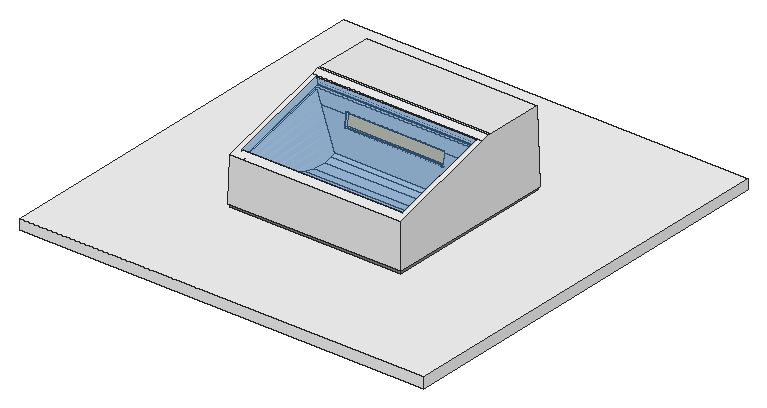
Revit family "BE_24089_de_DE", category Leuchten, Revit 2020
Family settings
  Basisbauteil = Fläche
  Bemaßung runder Anschluss = Durchmesser verwenden
  Teiletyp = Normal
  Beim Laden mit Abzugskörper schneiden = Ja
  Lichtquelle = Ja
  Gemeinsam genutzt = Nein
  Raumberechnungspunkt = Ja
Parameters (values of type "BEGA_24089_Weiß_K4")
  built-in parameter 1150104 = 18.506 (stored number, unit not read)
  Wattage = 19.4 W
  Default Elevation = 0 mm
  built-in parameter 1150113 = 1 (stored number, unit not read)
  built-in parameter 1114218 = 1 (stored number, unit not read)
  Umgebungstemperatur = "25 °C"
  URL = "https://www.bega.com/de/produkt/24089"
  Typenkommentare = "© 2022 BEGA. Wir behalten uns das Recht vor, technische Änderungen ohne vorherige Ankündigung vorzunehmen."  # constant formula
  Type Image = 24089.png
  built-in parameter 1150134 = 12
  built-in parameter 1150109 = 1 (stored number, unit not read)
  Strom = ""
  built-in parameter 1150110 = 1 (stored number, unit not read)
  Spannung = 239.996 V
  Sonderanfertigung = no
  Seriennummer [instance] = "Hier können Sie die eindeutige Seriennummer für das Facility Management eintragen."
  Schutzklasse = "I"
  Schutzart = "IP 65"
  Scheinlast = 0 VA
  Produktdatenblatt = "https://cdn.bega.com/bega/products/24089WK4/current/documents/data-sheets/de"
  Oberflächentemperatur = ""
  Neigungswinkel = 0.00°
  Modell = "24089WK4"
  Material_17 = BEGA_Reflektor
  Material_15 = BEGA_Leuchtmedium_matt
  Material_11 = BEGA_Glas_opal
  Material_10 = BEGA_Glas_matt
  Material_09 = BEGA_Glas_klar
  Material_06 = BEGA_Oberfläche_Edelstahl_gebürstet
  Material_03 = BEGA_Oberfläche_Weiss_matt
  Material_02 = BEGA_Oberfläche_Silber_matt
  Material_01 [instance] = BEGA_Oberfläche_Grafit_matt
  M_W = yes
  M_G = no
  M_A = no
  Logo = 0
  built-in parameter 1114217 = 1 (stored number, unit not read)
  built-in parameter 1150139 = (empty or 0)
  built-in parameter 1150105 = 307.53 (stored number, unit not read)
  built-in parameter 1150114 = 1 (stored number, unit not read)
  Lumens = 3864.48 lm
  built-in parameter 1150115 = 1 (stored number, unit not read)
  Leuchtenlichtstrom = "2920 lm"
  Leuchtenanzahl = ""
  Lebensdauerkriterien = "L70B50 @ 25 °C = 154000 h"
  Lastklassifizierung = Beleuchtung
  built-in parameter 1150112 = 1 (stored number, unit not read)
  Lampenlichtstrom = "3865 lm"
  Lampe = "LED 19.4 W"
  LED_Modulbezeichnung = "LED-0896/840"
  built-in parameter 1150142 = (empty or 0)
  Hersteller = "BEGA"  # constant formula
  Halbstreuwinkel = ""
  Gewicht = "1.6 kg"
  Gebrauchslageneinschränkung [instance] = ""
  Frequenz = "0/50-60 Hz"
  Farbwiedergabeindex = "CRI > 80"
  Farbtemperaturverschiebung bei Dämpfen der Lampe = <Keine Auswahl>
  Farbtemperatur = "4000 K"
  Color Filter = 16777215
  built-in parameter 1150133 = 10 (stored number, unit not read)
  Energieeffizienzklasse = "LED A++ - A"
  built-in parameter 1150137 = (empty or 0)
  built-in parameter 1150132 = (empty or 0)
  ENEC = "ja"
  Dimmbar [instance] = "DALI"
  Datei für fotometrisches Netz = "BE_24089K4.IES"
  CE_Konformität = "ja"
  Bestellnummer = "24089WK4"
  Beschreibung_Sonderanfertigung = "Hier können Sie Informationen zur Sonderanfertigung eintragen."
  Beschreibung = "Deckenaufbau-Tiefstrahler"
  built-in parameter 1150106 = 3.0753 (stored number, unit not read)
  Befestigungsbohrung = "Ø 6 mm"
  Befestigungsabstand = "140 mm"
  Ballwurfsicher = ""
  BEGA_Intern_aus = yes
  BEGA_Intern_an = yes
  BEGA_Intern_Konstruktion = yes
  BEGA_Intern = yes
  BEGA_IES = yes
  BEGA_Dummy = no
  Anschlussleitung = ""
  Anschlussleistung [instance] = "22.1 W"
  built-in parameter 1150107 = 4000 (stored number, unit not read)
  built-in parameter 1150102 = (empty or 0)
  built-in parameter 1150138 = (empty or 0)
  Aktualisierung = "2022-05-18T04:00:07"
  Abstand_zur_angestrahlten_Fläche [instance] = ""
  AC/DC = "AC/DC"
Types (4, lengths in mm): name | built-in parameter 1150104 | built-in parameter 1150134 | Modell | M_W | M_G | built-in parameter 1150105 | Lumens | Leuchtenlichtstrom | Lampenlichtstrom | LED_Modulbezeichnung | Farbtemperatur | Datei für fotometrisches Netz | Bestellnummer | built-in parameter 1150106 | built-in parameter 1150107
  BEGA_24089_Grafit_K3 | 18.005 (stored number, unit not read) | (empty or 0) | "24089K3" | no | yes | 299.19 (stored number, unit not read) | 3759.72 lm | "2841 lm" | "3760 lm" | "LED-0896/830" | "3000 K" | "BE_24089K3.IES" | "24089K3" | 2.9919 (stored number, unit not read) | 3000 (stored number, unit not read)
  BEGA_24089_Grafit_K4 | 18.506 (stored number, unit not read) | 12 | "24089K4" | no | yes | 307.53 (stored number, unit not read) | 3864.48 lm | "2920 lm" | "3865 lm" | "LED-0896/840" | "4000 K" | "BE_24089K4.IES" | "24089K4" | 3.0753 (stored number, unit not read) | 4000 (stored number, unit not read)
  BEGA_24089_Weiß_K3 | 18.005 (stored number, unit not read) | (empty or 0) | "24089WK3" | yes | no | 299.19 (stored number, unit not read) | 3759.72 lm | "2841 lm" | "3760 lm" | "LED-0896/830" | "3000 K" | "BE_24089K3.IES" | "24089WK3" | 2.9919 (stored number, unit not read) | 3000 (stored number, unit not read)
  BEGA_24089_Weiß_K4 | 18.506 (stored number, unit not read) | 12 | "24089WK4" | yes | no | 307.53 (stored number, unit not read) | 3864.48 lm | "2920 lm" | "3865 lm" | "LED-0896/840" | "4000 K" | "BE_24089K4.IES" | "24089WK4" | 3.0753 (stored number, unit not read) | 4000 (stored number, unit not read)
Reference planes
  plane 1 "Mitte (Vorne/Hinten)": y = 0
  plane 2: z = 0
  plane 3 "Mitte (Links/Rechts)": x = 0
  plane 4 "Links": x = -85.5
  plane 5 "Rechts": x = 85.5
  plane 6 "Unten": y = -85.5
  plane 7 "Oben": y = 85.5
  plane 8 "Vorne": z = 75.3
  plane 9 "Hinten": z = 0
Forms (mm)
  Extrusion 1, solid, material "BEGA_Platte_Weiss"
    sketch origin (0, -1119.2, 0) x (1, 0, 0) y (0, 1, 0)
      loop
        line (-200, 1319.2) -> (-200, 919.2) -> (200, 919.2) -> (200, 1319.2) -> (-200, 1319.2)
    from 0 to -10
  Extrusion 2, solid, material "BEGA_Dummy_matt", visible <- "BEGA_Dummy"
    sketch origin (80.095, -76.023, 0) x (1, 0, 0) y (0, 1, 0)
      loop
        line (-165.595, 161.523) -> (-165.595, -9.477) -> (5.405, -9.477) -> (5.405, 161.523) -> (-165.595, 161.523)
    from 0 to 75.3
Dimensions and locks
  plane 1 "Mitte (Vorne/Hinten)" to Extrusion 1 = 200 mm
  aligned and locked: plane 2 to Extrusion 1
  aligned and locked: level to Extrusion 1
Nested families
  nested 1: "BE_24089" at (0, 0, 0), type "BE_24089"
Connectors
  electrical at (0, 0, 0), driven by "Lastklassifizierung", driven by "Spannung", driven by "Scheinlast"
    settings: index 1, voltage 239.996 V, apparent load 0 VA, apparent load phase1 0 VA, apparent load phase2 0 VA, apparent load phase3 0 VA, power factor 1, load classification "Beleuchtung", number of poles 1, system type 31, power factor state 1, is connector primary yes, connector utility no, sub classification motor no, connector description ""
Definition of nested family "BE_24089"
  Parameters (values of type "BE_24089")
    Default Elevation = 1 mm
    URL = "http://www.bega.de/de/produkt"
    Type Comments = "© 2015 BEGA. Wir behalten uns das Recht vor, technische Änderungen ohne vorherige Ankündigung vorzunehmen. "  # constant formula
    Type Image = (empty or 0)
    Neigungswinkel_um_Z2 = 0.00°
    Neigungswinkel_um_Z1 = 0.00°
    Neigungswinkel_um_Y2 = 0.00°
    Neigungswinkel_um_Y1 = 0.00°
    Neigungswinkel_um_X2 = 0.00°
    Neigungswinkel_um_X1 = 0.00°
    Material_17 = none
    Material_15 = none
    Material_11 = none
    Material_10 = none
    Material_09 = none
    Material_06 = none
    Material_03 = none
    Material_02 = none
    Material_01 = none
    M_W = yes
    M_G = yes
    M_A = yes
    Länge_Platte = 200 mm  # constant formula
    Höhe_Platte = -10 mm  # constant formula
    Manufacturer = "BEGA"  # constant formula
    Drehwinkel_um_Z2 = 0.00°
    Drehwinkel_um_Z1 = 0.00°
    Breite_Platte = 200 mm  # constant formula
  Reference planes
    plane 1 "Mitte (Oben/Unten)": y = 0
    plane 2: z = 0
    plane 3 "Mitte (Links/Rechts)": x = 0
    plane 4 "Vorne": z = 75.3
    plane 5 "Hinten": z = -25
    plane 6 "Links": x = -85
    plane 7 "Rechts": x = 85
    plane 8 "Oben": y = 84.243
    plane 9 "Unten": y = -85.5
  Forms (mm)
    Extrusion 1, solid, detail levels medium
      sketch origin (0, 0, 0) x (1, 0, 0) y (0, 1, 0)
        loop
          line (-100, 100) -> (-100, -100) -> (100, -100) -> (100, 100) -> (-100, 100)
      from 0 to -10 <- "Höhe_Platte"
    Sweep 2, solid, material <- "Material_01", visible <- "M_G"
      path origin (0, 0, 0) x (1, 0, 0) y (0, 1, 0)
        loop
          line (-82.042, 82.042) -> (-82.042, -82.042) -> (82.042, -82.042) -> (82.042, 82.042) -> (-82.042, 82.042)
      profile origin (0, 82.042, 0) x (0, 1, 0) y (0, 0, 1)
        loop
          line (2.458, 0) -> (2.353, 3) -> (-0.966, 3) -> (-1.14, 8) -> (-42.13, 8) -> (-42.13, 5) -> (-20.435, 5) -> (-20.04, 0.5) -> (-3.544, 0.5) -> (-2.542, 0) -> (2.458, 0)
    Extrusion 3, solid, material <- "Material_01", visible <- "M_G"
      sketch origin (0, 0, 0) x (1, 0, 0) y (0, 1, 0)
        loop
          line (-39.912, 39.912) -> (-39.912, -39.912) -> (39.912, -39.912) -> (39.912, 39.912) -> (-39.912, 39.912)
      from 5 to 9.848
    Sweep 4, solid, material <- "Material_01", visible <- "M_W"
      path origin (0, 0, 0) x (1, 0, 0) y (0, 1, 0)
        loop
          line (-82.042, 82.042) -> (-82.042, -82.042) -> (82.042, -82.042) -> (82.042, 82.042) -> (-82.042, 82.042)
      profile origin (0, 82.042, 0) x (0, 1, 0) y (0, 0, 1)
        loop
          line (2.458, 0) -> (2.353, 3) -> (-0.966, 3) -> (-1.14, 7.987) -> (-42.13, 7.987) -> (-42.13, 4.987) -> (-20.434, 4.987) -> (-20.04, 0.5) -> (-3.544, 0.5) -> (-2.542, 0) -> (2.458, 0)
    Extrusion 5, solid, material <- "Material_01", visible <- "M_W"
      sketch origin (0, 0, 0) x (1, 0, 0) y (0, 1, 0)
        loop
          line (-39.912, 39.912) -> (-39.912, -39.912) -> (39.912, -39.912) -> (39.912, 39.912) -> (-39.912, 39.912)
      from 4.987 to 7.987
    Extrusion 6, solid, material <- "Material_03", visible <- "M_W"
      sketch origin (0, 0, 0) x (0, 1, 0) y (0, 0, 1)
        loop
          line (85.5, 3.3) -> (84.243, 75.3) -> (26.55, 75.3) -> (24.309, 75.3) -> (17.395, 73.465) -> (-84.753, 46.095) -> (-85.5, 3.3) -> (-83, 3.3) -> (-82.162, 27.3) -> (-79.641, 27.3) -> (-79.502, 23.299) -> (-77, 23.299) -> (-76.386, 40.882) -> (-37.619, 51.27) -> (18.972, 66.434)
          arc (18.972, 66.434) -> (20.019, 67.119) -> (20.453, 68.292) r 2
          line (20.453, 68.292) -> (20.518, 70.147)
          arc (20.518, 70.147) -> (20.952, 71.321) -> (21.999, 72.007) r 2
          line (21.999, 72.007) -> (24.586, 72.7) -> (34.5, 72.7) -> (75.275, 72.7) -> (77, 23.3) -> (79.502, 23.299) -> (79.641, 27.3) -> (82.162, 27.3) -> (83, 3.3) -> (85.5, 3.3)
      from -85.5 to 85.5
    Extrusion 7, solid, material <- "Material_03", visible <- "M_W"
      sketch origin (0, 0, 0) x (0, 1, 0) y (0, 0, 1)
        loop
          line (-84.817, 42.435) -> (-85.5, 3.3) -> (85.5, 3.3) -> (84.268, 73.882) -> (24.849, 73.882) -> (-84.817, 42.435)
      from 82.13 to 85.5
    Extrusion 8, solid, material <- "Material_03", visible <- "M_W"
      sketch origin (0, 0, 0) x (0, 1, 0) y (0, 0, -1)
        loop
          line (-84.817, -42.435) -> (24.849, -73.882) -> (84.268, -73.882) -> (85.5, -3.3) -> (-85.5, -3.3) -> (-84.817, -42.435)
      from 82.339 to 85.5
    Extrusion 9, solid, material <- "Material_01", visible <- "M_G"
      sketch origin (0, 0, 0) x (0, 1, 0) y (0, 0, 1)
        loop
          line (85.5, 3.3) -> (84.243, 75.3) -> (26.55, 75.3) -> (24.309, 75.3) -> (17.395, 73.465) -> (-84.753, 46.095) -> (-85.5, 3.3) -> (-83, 3.3) -> (-82.162, 27.3) -> (-79.641, 27.3) -> (-79.502, 23.299) -> (-77, 23.299) -> (-76.386, 40.882) -> (-37.619, 51.27) -> (18.972, 66.434)
          arc (18.972, 66.434) -> (20.019, 67.119) -> (20.453, 68.292) r 2
          line (20.453, 68.292) -> (20.518, 70.147)
          arc (20.518, 70.147) -> (20.952, 71.321) -> (21.999, 72.007) r 2
          line (21.999, 72.007) -> (24.586, 72.7) -> (34.5, 72.7) -> (75.275, 72.7) -> (77, 23.3) -> (79.502, 23.299) -> (79.641, 27.3) -> (82.162, 27.3) -> (83, 3.3) -> (85.5, 3.3)
      from -85.5 to 85.5
    Extrusion 10, solid, material <- "Material_01", visible <- "M_G"
      sketch origin (0, 0, 0) x (0, 1, 0) y (0, 0, 1)
        loop
          line (-84.817, 42.435) -> (-85.5, 3.3) -> (85.5, 3.3) -> (84.268, 73.882) -> (24.849, 73.882) -> (-84.817, 42.435)
      from 82.13 to 85.5
    Extrusion 11, solid, material <- "Material_01", visible <- "M_G"
      sketch origin (0, 0, 0) x (0, 1, 0) y (0, 0, -1)
        loop
          line (-84.817, -42.435) -> (24.849, -73.882) -> (84.268, -73.882) -> (85.5, -3.3) -> (-85.5, -3.3) -> (-84.817, -42.435)
      from 82.339 to 85.5
    Extrusion 12, void
      sketch origin (0, 0, 0) x (0, 1, 0) y (0, 0, 1)
        loop
          line (-82.182, 71.001) -> (-74.268, 41.468) -> (17.494, 66.056) -> (9.581, 95.589) -> (-82.182, 71.001)
      from -79.5 to 79.5
    Extrusion 13, void
      sketch origin (0, 0, 0) x (1, 0, 0) y (0, 0, 1)
        loop
          line (-84.243, 75.3) -> (-89.5, 75.3) -> (-89.5, 3.299) -> (-85.5, 3.299) -> (-84.243, 75.3)
        loop
          line (84.243, 75.3) -> (85.5, 3.299) -> (89.5, 3.299) -> (89.5, 75.3) -> (84.243, 75.3)
      from -105.296 to 87.784
    Extrusion 14, solid, material <- "Material_17"
      sketch origin (0, 0, 0) x (0, 1, 0) y (0, 0, 1)
        loop
          line (-75.301, 40.674) -> (-72.678, 41.377) -> (-70.065, 38.974) -> (-67.591, 36.839) -> (-65.494, 35.073) -> (-63.36, 33.391) -> (-60.118, 30.879) -> (-54.091, 26.734) -> (-47.751, 22.951) -> (-41.358, 19.71) -> (-35.239, 17.163) -> (-29.852, 15.306) -> (-23.593, 13.594) -> (-16.261, 12.302) -> (-11.385, 11.969) -> (-9.745, 11.903) -> (-6.295, 11.843) -> (-1.631, 12.142) -> (2.28, 12.656) -> (6.675, 13.54) -> (9.643, 14.431) -> (10.835, 14.822)
          arc (10.835, 14.822) -> (11.299, 15.152) -> (11.508, 15.681) r 1
          line (11.508, 15.681) -> (14.606, 51.087) -> (15.831, 65.093) -> (19.135, 65.978)
          arc (19.135, 65.978) -> (19.312, 66.284) -> (19.006, 66.461) r 0.25
          line (19.006, 66.461) -> (16.04, 65.667)
          arc (16.04, 65.667) -> (15.534, 65.345) -> (15.303, 64.792) r 1
          line (15.303, 64.792) -> (14.16, 51.73) -> (10.985, 15.435)
          arc (10.985, 15.435) -> (8.592, 14.657) -> (6.166, 13.988) r 55.358
          arc (6.166, 13.988) -> (2.324, 13.182) -> (-1.57, 12.681) r 49.797
          arc (-1.57, 12.681) -> (-7.869, 12.402) -> (-14.168, 12.681) r 71.225
          arc (-14.168, 12.681) -> (-19.298, 13.333) -> (-24.365, 14.372) r 68.21
          arc (-24.365, 14.372) -> (-31.422, 16.4) -> (-38.297, 18.977) r 93.002
          arc (-38.297, 18.977) -> (-43.044, 21.131) -> (-47.665, 23.546) r 93.756
          arc (-47.665, 23.546) -> (-51.498, 25.782) -> (-55.246, 28.159) r 119.281
          arc (-55.246, 28.159) -> (-59.422, 31.053) -> (-63.466, 34.131) r 114.187
          arc (-63.466, 34.131) -> (-67.063, 37.029) -> (-70.531, 40.081) r 106.049
          line (-70.531, 40.081) -> (-72.131, 41.553)
          arc (-72.131, 41.553) -> (-72.574, 41.794) -> (-73.078, 41.787) r 1
          line (-73.078, 41.787) -> (-75.431, 41.157)
          arc (-75.431, 41.157) -> (-75.607, 40.851) -> (-75.301, 40.674) r 0.25
      from -79.5 to 79.5
    Extrusion 15, void
      sketch origin (0, 0, 0) x (0, 1, 0) y (0, 0, 1)
        loop
          arc (13.147, 40.15) -> (13.374, 39.879) -> (13.645, 40.106) r 0.25
          line (13.645, 40.106) -> (14.782, 53.104)
          arc (14.782, 53.104) -> (14.555, 53.374) -> (14.284, 53.147) r 0.25
          line (14.284, 53.147) -> (13.147, 40.15)
      from -49 to 49
    Blend 16, solid, material <- "Material_17"
      base sketch origin (0, 0, 0) x (1, 0, 0) y (0, 0, 1)
        loop
          line (-55.111, 9.848) -> (-78.508, 63.289) -> (-79.5, 63.289) -> (-56.103, 9.848) -> (-55.111, 9.848)
      top sketch origin (0, 0, 0) x (1, 0, 0) y (0, 0, 1)
        loop
          line (-79.5, 41.787) -> (-60.827, 9.848) -> (-59.737, 9.848) -> (-78.41, 41.787) -> (-79.5, 41.787)
      from -19.221 to 73
    Blend 17, solid, material <- "Material_17"
      base sketch origin (4.504, 0, 0) x (-1, 0, 0) y (0, 0, -1)
        loop
          line (-50.603, -9.848) -> (-51.595, -9.848) -> (-74.992, -63.289) -> (-74, -63.289) -> (-50.603, -9.848)
      top sketch origin (4.504, 0, 0) x (-1, 0, 0) y (0, 0, -1)
        loop
          line (-75, -41.787) -> (-73.91, -41.787) -> (-55.237, -9.848) -> (-56.327, -9.848) -> (-75, -41.787)
      from -15.636 to 73
    Extrusion 18, void
      sketch origin (0, 0, 0) x (1, 0, 0) y (0, 1, 0)
        loop
          circle (0, -70) r 3
        loop
          circle (0, 70) r 3
      from 0 to 13
    Extrusion 19, solid, material <- "Material_01", visible <- "M_G"
      sketch origin (0, 0, 0) x (1, 0, 0) y (0, 1, 0)
        loop
          line (48.029, 19.034) -> (74.824, 19.034) -> (74.824, 62.445) -> (62.445, 74.824) -> (39.034, 74.824) -> (39.034, 37.456) -> (39.034, 28.029)
          arc (39.034, 28.029) -> (41.668, 21.668) -> (48.029, 19.034) r 8.992
      from 0.5 to 9.848
    Extrusion 20, solid, material <- "Material_10"
      sketch origin (0, 0, 0) x (0, 1, 0) y (0, 0, 1)
        loop
          line (-76.127, 48.406) -> (-75.094, 44.55) -> (16.669, 69.138) -> (15.636, 72.994) -> (-76.127, 48.406)
      from -79.5 to 79.5
    Extrusion 21, solid, material <- "Material_15"
      sketch origin (0, 0, 0) x (0, 1, 0) y (0, 0, 1)
        loop
          line (14.66, 41.544) -> (15.681, 41.454) -> (16.553, 51.419) -> (15.532, 51.508) -> (14.66, 41.544)
      from -47.5 to 47.472
    Extrusion 22, solid, material <- "Material_01", visible <- "M_W"
      sketch origin (0, 0, 0) x (1, 0, 0) y (0, 1, 0)
        loop
          line (48.029, 19.034) -> (74.824, 19.034) -> (74.824, 62.445) -> (62.445, 74.824) -> (39.034, 74.824) -> (39.034, 37.456) -> (39.034, 28.029)
          arc (39.034, 28.029) -> (41.668, 21.668) -> (48.029, 19.034) r 8.992
      from 0.5 to 9.848
    Extrusion 23, void
      sketch origin (0, 0, 0) x (1, 0, 0) y (0, 1, 0)
        loop
          circle (62.5, 36.5) r 7.197
        loop
          circle (62.5, 61.5) r 7.197
      from 0.5 to 11.965
  Cuts and joins
    Extrusion 18, Extrusion 23 cuts Sweep 2
    Extrusion 18, Extrusion 23 cuts Extrusion 3
    Extrusion 23 cuts Extrusion 19
    joined: Sweep 2, Extrusion 3, Extrusion 19
    Extrusion 18, Extrusion 23 cuts Sweep 4
    Extrusion 18, Extrusion 23 cuts Extrusion 5
    Extrusion 23 cuts Extrusion 22
    joined: Sweep 4, Extrusion 5, Extrusion 22
    Extrusion 12, Extrusion 13, Extrusion 15, Extrusion 18, Extrusion 23 cuts Extrusion 6
    Extrusion 12, Extrusion 13, Extrusion 15, Extrusion 18, Extrusion 23 cuts Extrusion 7
    Extrusion 12, Extrusion 13, Extrusion 15, Extrusion 18, Extrusion 23 cuts Extrusion 8
    joined: Extrusion 6, Extrusion 7, Extrusion 8
    Extrusion 12, Extrusion 13, Extrusion 15, Extrusion 18, Extrusion 23 cuts Extrusion 9
    Extrusion 12, Extrusion 13, Extrusion 15, Extrusion 18, Extrusion 23 cuts Extrusion 10
    Extrusion 12, Extrusion 13, Extrusion 15, Extrusion 18, Extrusion 23 cuts Extrusion 11
    joined: Extrusion 9, Extrusion 10, Extrusion 11
    Extrusion 15, Extrusion 18 cuts Extrusion 14
    joined: Blend 16, Blend 17
  Dimensions and locks
    equal spacing: Extrusion 1 sketch curve, plane 3 "Mitte (Links/Rechts)", Extrusion 1 sketch curve
    equal spacing: Extrusion 1 sketch curve, plane 1 "Mitte (Oben/Unten)", Extrusion 1 sketch curve
    "Länge_Platte": Extrusion 1 sketch curve to Extrusion 1 sketch curve
    "Breite_Platte": Extrusion 1 sketch curve to Extrusion 1 sketch curve
    aligned and locked: plane 2 to Extrusion 1
    aligned and locked: level to Extrusion 1
  Automatic sketch dimensions
    Sweep 2 sketch curve to plane 3 "Mitte (Links/Rechts)" = 82.042 mm
    plane 3 "Mitte (Links/Rechts)" to Sweep 2 sketch curve = 82.042 mm
    plane 1 "Mitte (Oben/Unten)" to Sweep 2 sketch curve = 82.042 mm
    Sweep 2 sketch curve to plane 1 "Mitte (Oben/Unten)" = 82.042 mm
    Sweep 2 sketch curve to level = 0 mm
    level to Sweep 2 sketch curve = 5 mm
    Sweep 2 sketch curve to Sweep 2 sketch curve = 40.99 mm
    level to Sweep 2 sketch curve = 0.5 mm
    Sweep 2 sketch curve to Sweep 2 sketch curve = 0.395 mm
    profile plane to Sweep 2 sketch curve = 3.544 mm
    Sweep 2 sketch curve to Sweep 2 sketch curve = 1.002 mm
    profile plane to Sweep 2 sketch curve = 1.14 mm
    profile plane to Sweep 2 sketch curve = 0.966 mm
    Sweep 2 sketch curve to profile plane = 2.353 mm
    Sweep 2 sketch curve to profile plane = 2.458 mm
    level to Sweep 2 sketch curve = 3 mm
    Extrusion 3 sketch curve to plane 3 "Mitte (Links/Rechts)" = 39.912 mm
    plane 3 "Mitte (Links/Rechts)" to Extrusion 3 sketch curve = 39.912 mm
    plane 1 "Mitte (Oben/Unten)" to Extrusion 3 sketch curve = 39.912 mm
    Extrusion 3 sketch curve to plane 1 "Mitte (Oben/Unten)" = 39.912 mm
    Sweep 4 sketch curve to plane 3 "Mitte (Links/Rechts)" = 82.042 mm
    plane 3 "Mitte (Links/Rechts)" to Sweep 4 sketch curve = 82.042 mm
    plane 1 "Mitte (Oben/Unten)" to Sweep 4 sketch curve = 82.042 mm
    Sweep 4 sketch curve to plane 1 "Mitte (Oben/Unten)" = 82.042 mm
    Extrusion 5 sketch curve to plane 3 "Mitte (Links/Rechts)" = 39.912 mm
    plane 3 "Mitte (Links/Rechts)" to Extrusion 5 sketch curve = 39.912 mm
    plane 1 "Mitte (Oben/Unten)" to Extrusion 5 sketch curve = 39.912 mm
    Extrusion 5 sketch curve to plane 1 "Mitte (Oben/Unten)" = 39.912 mm
    level to Extrusion 6 sketch curve = 3.3 mm  (x2)
    plane 1 "Mitte (Oben/Unten)" to Extrusion 6 sketch curve = 85.5 mm
    Extrusion 6 sketch curve to Extrusion 6 sketch curve = 0.747 mm
    Extrusion 6 sketch curve to Extrusion 6 sketch curve = 2.5 mm  (x2)
    level to Extrusion 6 sketch curve = 27.3 mm  (x2)
    Extrusion 6 sketch curve to Extrusion 6 sketch curve = 2.591 mm
    Extrusion 6 sketch curve to Extrusion 6 sketch curve = 2.521 mm  (x2)
    level to Extrusion 6 sketch curve = 23.299 mm  (x2)
    Extrusion 6 sketch curve to Extrusion 6 sketch curve = 0.14 mm  (x2)
    Extrusion 6 sketch curve to Extrusion 6 sketch curve = 2.501 mm
    Extrusion 6 sketch curve to Extrusion 6 sketch curve = 8.367 mm
    Extrusion 6 sketch curve to plane 1 "Mitte (Oben/Unten)" = 17.395 mm
    Extrusion 6 sketch curve to Extrusion 6 sketch curve = 1.06 mm
    Extrusion 6 sketch curve to Extrusion 6 sketch curve = 1.999 mm  (x2)
    Extrusion 6 sketch curve to Extrusion 6 sketch curve = 0.065 mm
    Extrusion 6 sketch curve to Extrusion 6 sketch curve = 1.792 mm
    Extrusion 6 sketch curve to Extrusion 6 sketch curve = 0.277 mm
    Extrusion 6 sketch curve to Extrusion 6 sketch curve = 2.241 mm
    Extrusion 6 sketch curve to Extrusion 6 sketch curve = 7.95 mm
    Extrusion 6 sketch curve to Extrusion 6 sketch curve = 40.775 mm
    level to Extrusion 6 sketch curve = 23.3 mm
    Extrusion 6 sketch curve to Extrusion 6 sketch curve = 1.725 mm
    Extrusion 6 sketch curve to Extrusion 6 sketch curve = 2.502 mm
    Extrusion 6 sketch curve to Extrusion 6 sketch curve = 3.498 mm
    Extrusion 6 sketch curve to Extrusion 6 sketch curve = 8.968 mm
    Extrusion 6 sketch curve to Extrusion 6 sketch curve = 13.583 mm
    Extrusion 6 sketch curve to Extrusion 6 sketch curve = 5.212 mm
    level to Extrusion 6 sketch curve = 68.292 mm
    Extrusion 6 sketch curve to Extrusion 6 sketch curve = 0.073 mm
    Extrusion 6 sketch curve to Extrusion 6 sketch curve = 1.783 mm
    Extrusion 6 sketch curve to Extrusion 6 sketch curve = 1.854 mm
    Extrusion 6 sketch curve to Extrusion 6 sketch curve = 45.4 mm
    Extrusion 6 sketch curve to Extrusion 6 sketch curve = 3.319 mm
    Extrusion 6 sketch curve to Extrusion 6 sketch curve = 2.6 mm
    plane 1 "Mitte (Oben/Unten)" to Extrusion 6 sketch curve = 37.619 mm
    Extrusion 6 sketch curve to Extrusion 6 sketch curve = 0 mm  (x6)
    Extrusion 6 sketch curve to Extrusion 6 sketch curve = 0.518 mm  (x2)
    Extrusion 6 sketch curve to Extrusion 6 sketch curve = 10.388 mm
    level to Extrusion 7 sketch curve = 3.3 mm
    plane 1 "Mitte (Oben/Unten)" to Extrusion 7 sketch curve = 85.5 mm
    Extrusion 7 sketch curve to Extrusion 7 sketch curve = 0.683 mm
    Extrusion 7 sketch curve to plane 1 "Mitte (Oben/Unten)" = 24.849 mm
    Extrusion 7 sketch curve to Extrusion 7 sketch curve = 59.419 mm
    Extrusion 7 sketch curve to Extrusion 7 sketch curve = 1.232 mm
    Extrusion 7 sketch curve to Extrusion 7 sketch curve = 39.135 mm
    Extrusion 7 sketch curve to Extrusion 7 sketch curve = 70.582 mm
    level to Extrusion 8 sketch curve = 3.3 mm
    plane 1 "Mitte (Oben/Unten)" to Extrusion 8 sketch curve = 85.5 mm
    Extrusion 8 sketch curve to Extrusion 8 sketch curve = 0.683 mm
    Extrusion 8 sketch curve to plane 1 "Mitte (Oben/Unten)" = 24.849 mm
    Extrusion 8 sketch curve to Extrusion 8 sketch curve = 59.419 mm
    Extrusion 8 sketch curve to Extrusion 8 sketch curve = 1.232 mm
    Extrusion 8 sketch curve to Extrusion 8 sketch curve = 39.135 mm
    Extrusion 8 sketch curve to Extrusion 8 sketch curve = 70.582 mm
    level to Extrusion 9 sketch curve = 3.3 mm  (x2)
    plane 1 "Mitte (Oben/Unten)" to Extrusion 9 sketch curve = 85.5 mm
    Extrusion 9 sketch curve to Extrusion 9 sketch curve = 0.747 mm
    Extrusion 9 sketch curve to Extrusion 9 sketch curve = 2.5 mm  (x2)
    level to Extrusion 9 sketch curve = 27.3 mm  (x2)
    Extrusion 9 sketch curve to Extrusion 9 sketch curve = 2.591 mm
    Extrusion 9 sketch curve to Extrusion 9 sketch curve = 2.521 mm  (x2)
    level to Extrusion 9 sketch curve = 23.299 mm  (x2)
    Extrusion 9 sketch curve to Extrusion 9 sketch curve = 0.14 mm  (x2)
    Extrusion 9 sketch curve to Extrusion 9 sketch curve = 2.501 mm
    Extrusion 9 sketch curve to Extrusion 9 sketch curve = 8.367 mm
    Extrusion 9 sketch curve to plane 1 "Mitte (Oben/Unten)" = 17.395 mm
    Extrusion 9 sketch curve to Extrusion 9 sketch curve = 1.06 mm
    Extrusion 9 sketch curve to Extrusion 9 sketch curve = 1.999 mm  (x2)
    Extrusion 9 sketch curve to Extrusion 9 sketch curve = 0.065 mm
    Extrusion 9 sketch curve to Extrusion 9 sketch curve = 1.792 mm
    Extrusion 9 sketch curve to Extrusion 9 sketch curve = 0.277 mm
    Extrusion 9 sketch curve to Extrusion 9 sketch curve = 2.241 mm
    Extrusion 9 sketch curve to Extrusion 9 sketch curve = 7.95 mm
    Extrusion 9 sketch curve to Extrusion 9 sketch curve = 40.775 mm
    level to Extrusion 9 sketch curve = 23.3 mm
    Extrusion 9 sketch curve to Extrusion 9 sketch curve = 1.725 mm
    Extrusion 9 sketch curve to Extrusion 9 sketch curve = 2.502 mm
    Extrusion 9 sketch curve to Extrusion 9 sketch curve = 3.498 mm
    Extrusion 9 sketch curve to Extrusion 9 sketch curve = 8.968 mm
    Extrusion 9 sketch curve to Extrusion 9 sketch curve = 13.583 mm
    Extrusion 9 sketch curve to Extrusion 9 sketch curve = 5.212 mm
    level to Extrusion 9 sketch curve = 68.292 mm
    Extrusion 9 sketch curve to Extrusion 9 sketch curve = 0.073 mm
    Extrusion 9 sketch curve to Extrusion 9 sketch curve = 1.783 mm
    Extrusion 9 sketch curve to Extrusion 9 sketch curve = 1.854 mm
    Extrusion 9 sketch curve to Extrusion 9 sketch curve = 45.4 mm
    Extrusion 9 sketch curve to Extrusion 9 sketch curve = 3.319 mm
    Extrusion 9 sketch curve to Extrusion 9 sketch curve = 2.6 mm
    plane 1 "Mitte (Oben/Unten)" to Extrusion 9 sketch curve = 37.619 mm
    Extrusion 9 sketch curve to Extrusion 9 sketch curve = 0 mm  (x6)
    Extrusion 9 sketch curve to Extrusion 9 sketch curve = 0.518 mm  (x2)
    Extrusion 9 sketch curve to Extrusion 9 sketch curve = 10.388 mm
    level to Extrusion 10 sketch curve = 3.3 mm
    plane 1 "Mitte (Oben/Unten)" to Extrusion 10 sketch curve = 85.5 mm
    Extrusion 10 sketch curve to Extrusion 10 sketch curve = 0.683 mm
    Extrusion 10 sketch curve to plane 1 "Mitte (Oben/Unten)" = 24.849 mm
    Extrusion 10 sketch curve to Extrusion 10 sketch curve = 59.419 mm
    Extrusion 10 sketch curve to Extrusion 10 sketch curve = 1.232 mm
    Extrusion 10 sketch curve to Extrusion 10 sketch curve = 39.135 mm
    Extrusion 10 sketch curve to Extrusion 10 sketch curve = 70.582 mm
    level to Extrusion 11 sketch curve = 3.3 mm
    plane 1 "Mitte (Oben/Unten)" to Extrusion 11 sketch curve = 85.5 mm
    Extrusion 11 sketch curve to Extrusion 11 sketch curve = 0.683 mm
    Extrusion 11 sketch curve to plane 1 "Mitte (Oben/Unten)" = 24.849 mm
    Extrusion 11 sketch curve to Extrusion 11 sketch curve = 59.419 mm
    Extrusion 11 sketch curve to Extrusion 11 sketch curve = 1.232 mm
    Extrusion 11 sketch curve to Extrusion 11 sketch curve = 39.135 mm
    Extrusion 11 sketch curve to Extrusion 11 sketch curve = 70.582 mm
    plane 1 "Mitte (Oben/Unten)" to Extrusion 12 sketch curve = 82.182 mm
    level to Extrusion 12 sketch curve = 41.468 mm
    Extrusion 12 sketch curve to Extrusion 12 sketch curve = 7.913 mm
    Extrusion 12 sketch curve to plane 1 "Mitte (Oben/Unten)" = 9.581 mm
    Extrusion 12 sketch curve to plane 1 "Mitte (Oben/Unten)" = 17.494 mm
    level to Extrusion 12 sketch curve = 66.056 mm
    Extrusion 13 sketch curve to plane 3 "Mitte (Links/Rechts)" = 89.5 mm
    Extrusion 13 sketch curve to Extrusion 13 sketch curve = 4 mm
    Extrusion 13 sketch curve to Extrusion 13 sketch curve = 5.257 mm  (x2)
    plane 3 "Mitte (Links/Rechts)" to Extrusion 13 sketch curve = 84.243 mm
    level to Extrusion 13 sketch curve = 3.299 mm  (x2)
    Extrusion 13 sketch curve to Extrusion 13 sketch curve = 1.257 mm
    Extrusion 13 sketch curve to Extrusion 13 sketch curve = 72.001 mm  (x2)
    plane 1 "Mitte (Oben/Unten)" to Extrusion 14 sketch curve = 75.431 mm
    Extrusion 14 sketch curve to Extrusion 14 sketch curve = 0.065 mm  (x4)
    level to Extrusion 14 sketch curve = 40.674 mm
    Extrusion 14 sketch curve to Extrusion 14 sketch curve = 2.353 mm
    Extrusion 14 sketch curve to Extrusion 14 sketch curve = 0.264 mm
    Extrusion 14 sketch curve to Extrusion 14 sketch curve = 0.136 mm
    level to Extrusion 14 sketch curve = 41.553 mm
    Extrusion 14 sketch curve to Extrusion 14 sketch curve = 0.547 mm
    Extrusion 14 sketch curve to Extrusion 14 sketch curve = 1.6 mm
    Extrusion 14 sketch curve to Extrusion 14 sketch curve = 0.465 mm
    Extrusion 14 sketch curve to Extrusion 14 sketch curve = 2.475 mm
    Extrusion 14 sketch curve to Extrusion 14 sketch curve = 2.097 mm
    Extrusion 14 sketch curve to Extrusion 14 sketch curve = 2.134 mm
    Extrusion 14 sketch curve to Extrusion 14 sketch curve = 3.242 mm
    level to Extrusion 14 sketch curve = 26.734 mm
    Extrusion 14 sketch curve to Extrusion 14 sketch curve = 6.027 mm
    level to Extrusion 14 sketch curve = 22.951 mm
    Extrusion 14 sketch curve to Extrusion 14 sketch curve = 6.34 mm
    level to Extrusion 14 sketch curve = 19.71 mm
    Extrusion 14 sketch curve to Extrusion 14 sketch curve = 6.393 mm
    level to Extrusion 14 sketch curve = 17.163 mm
    Extrusion 14 sketch curve to Extrusion 14 sketch curve = 6.119 mm
    Extrusion 14 sketch curve to Extrusion 14 sketch curve = 5.387 mm
    Extrusion 14 sketch curve to Extrusion 14 sketch curve = 6.259 mm
    Extrusion 14 sketch curve to Extrusion 14 sketch curve = 7.332 mm
    Extrusion 14 sketch curve to Extrusion 14 sketch curve = 4.876 mm
    Extrusion 14 sketch curve to Extrusion 14 sketch curve = 1.64 mm
    plane 1 "Mitte (Oben/Unten)" to Extrusion 14 sketch curve = 8.136 mm
    Extrusion 14 sketch curve to Extrusion 14 sketch curve = 0.267 mm
    plane 1 "Mitte (Oben/Unten)" to Extrusion 14 sketch curve = 7.33 mm
    Extrusion 14 sketch curve to Extrusion 14 sketch curve = 3.45 mm
    Extrusion 14 sketch curve to Extrusion 14 sketch curve = 1.356 mm
    plane 1 "Mitte (Oben/Unten)" to Extrusion 14 sketch curve = 2.237 mm
    Extrusion 14 sketch curve to Extrusion 14 sketch curve = 0.292 mm
    plane 1 "Mitte (Oben/Unten)" to Extrusion 14 sketch curve = 1.631 mm
    Extrusion 14 sketch curve to plane 1 "Mitte (Oben/Unten)" = 1.256 mm
    Extrusion 14 sketch curve to plane 1 "Mitte (Oben/Unten)" = 2.28 mm
    Extrusion 14 sketch curve to Extrusion 14 sketch curve = 4.396 mm
    Extrusion 14 sketch curve to plane 1 "Mitte (Oben/Unten)" = 7.695 mm
    Extrusion 14 sketch curve to Extrusion 14 sketch curve = 2.967 mm
    Extrusion 14 sketch curve to Extrusion 14 sketch curve = 2.808 mm
    Extrusion 14 sketch curve to Extrusion 14 sketch curve = 0.87 mm
    Extrusion 14 sketch curve to Extrusion 14 sketch curve = 0.323 mm
    Extrusion 14 sketch curve to Extrusion 14 sketch curve = 0.473 mm
    Extrusion 14 sketch curve to plane 1 "Mitte (Oben/Unten)" = 15.303 mm
    Extrusion 14 sketch curve to Extrusion 14 sketch curve = 0.528 mm
    Extrusion 14 sketch curve to Extrusion 14 sketch curve = 0.468 mm
    Extrusion 14 sketch curve to Extrusion 14 sketch curve = 2.707 mm
    level to Extrusion 14 sketch curve = 15.768 mm
    Extrusion 14 sketch curve to Extrusion 14 sketch curve = 0.333 mm
    Extrusion 14 sketch curve to Extrusion 14 sketch curve = 1.857 mm
    Extrusion 14 sketch curve to Extrusion 14 sketch curve = 0.613 mm
    Extrusion 14 sketch curve to Extrusion 14 sketch curve = 0.391 mm
    Extrusion 14 sketch curve to Extrusion 14 sketch curve = 1.712 mm
    Extrusion 14 sketch curve to Extrusion 14 sketch curve = 0.891 mm
    Extrusion 14 sketch curve to Extrusion 14 sketch curve = 0.884 mm
    Extrusion 14 sketch curve to Extrusion 14 sketch curve = 1.292 mm
    Extrusion 14 sketch curve to Extrusion 14 sketch curve = 0.515 mm
    Extrusion 14 sketch curve to Extrusion 14 sketch curve = 0.332 mm
    Extrusion 14 sketch curve to Extrusion 14 sketch curve = 0.066 mm
    Extrusion 14 sketch curve to Extrusion 14 sketch curve = 0.06 mm
    Extrusion 14 sketch curve to Extrusion 14 sketch curve = 4.145 mm
    Extrusion 14 sketch curve to Extrusion 14 sketch curve = 2.512 mm
    Extrusion 14 sketch curve to Extrusion 14 sketch curve = 1.682 mm
    Extrusion 14 sketch curve to Extrusion 14 sketch curve = 1.766 mm
    Extrusion 14 sketch curve to Extrusion 14 sketch curve = 2.136 mm
    Extrusion 14 sketch curve to Extrusion 14 sketch curve = 1.107 mm
    Extrusion 14 sketch curve to Extrusion 14 sketch curve = 0.73 mm
    Extrusion 14 sketch curve to Extrusion 14 sketch curve = 0.241 mm  (x2)
    Extrusion 14 sketch curve to Extrusion 14 sketch curve = 0.554 mm
    Extrusion 14 sketch curve to Extrusion 14 sketch curve = 46.514 mm
    Extrusion 14 sketch curve to Extrusion 14 sketch curve = 2.418 mm
    Extrusion 14 sketch curve to Extrusion 14 sketch curve = 0.091 mm
    Extrusion 14 sketch curve to Extrusion 14 sketch curve = 0.301 mm
    Extrusion 14 sketch curve to Extrusion 14 sketch curve = 1.278 mm
    Extrusion 14 sketch curve to Extrusion 14 sketch curve = 5.394 mm
    Extrusion 14 sketch curve to Extrusion 14 sketch curve = 12.947 mm
    Extrusion 14 sketch curve to Extrusion 14 sketch curve = 3.003 mm
    Extrusion 14 sketch curve to Extrusion 14 sketch curve = 21.077 mm
    Extrusion 14 sketch curve to Extrusion 14 sketch curve = 0.695 mm
    Extrusion 14 sketch curve to Extrusion 14 sketch curve = 12.741 mm
    Extrusion 14 sketch curve to Extrusion 14 sketch curve = 5.293 mm
    Extrusion 14 sketch curve to Extrusion 14 sketch curve = 4.25 mm
    Extrusion 14 sketch curve to Extrusion 14 sketch curve = 0.106 mm
    Extrusion 14 sketch curve to Extrusion 14 sketch curve = 0 mm  (x14)
    Extrusion 14 sketch curve to Extrusion 14 sketch curve = 0.523 mm
    Extrusion 14 sketch curve to Extrusion 14 sketch curve = 1.143 mm
    Extrusion 14 sketch curve to Extrusion 14 sketch curve = 0.446 mm
    Extrusion 14 sketch curve to Extrusion 14 sketch curve = 0.209 mm
    Extrusion 14 sketch curve to Extrusion 14 sketch curve = 13.613 mm
    Extrusion 14 sketch curve to Extrusion 14 sketch curve = 0.642 mm
    Extrusion 15 sketch curve to plane 1 "Mitte (Oben/Unten)" = 13.147 mm
    Extrusion 15 sketch curve to Extrusion 15 sketch curve = 0.249 mm  (x4)
    Extrusion 15 sketch curve to Extrusion 15 sketch curve = 1.137 mm
    level to Extrusion 15 sketch curve = 40.106 mm
    Extrusion 15 sketch curve to Extrusion 15 sketch curve = 0.022 mm  (x2)
    Extrusion 15 sketch curve to Extrusion 15 sketch curve = 12.997 mm
    Blend 16 sketch curve to plane 3 "Mitte (Links/Rechts)" = 79.5 mm  (x2)
    Blend 16 sketch curve to Blend 16 sketch curve = 0.992 mm  (x2)
    level to Blend 16 sketch curve = 9.848 mm  (x2)
    Blend 16 sketch curve to plane 3 "Mitte (Links/Rechts)" = 56.103 mm
    Blend 16 sketch curve to Blend 16 sketch curve = 53.441 mm
    Blend 16 sketch curve to Blend 16 sketch curve = 1.09 mm  (x2)
    Blend 16 sketch curve to Blend 16 sketch curve = 17.583 mm
    Blend 16 sketch curve to Blend 16 sketch curve = 31.94 mm
    Blend 17 sketch curve to plane 3 "Mitte (Links/Rechts)" = 79.496 mm
    Blend 17 sketch curve to Blend 17 sketch curve = 0.992 mm  (x2)
    Blend 17 sketch curve to level = 9.848 mm  (x2)
    Blend 17 sketch curve to plane 3 "Mitte (Links/Rechts)" = 56.099 mm
    Blend 17 sketch curve to Blend 17 sketch curve = 53.441 mm
    Blend 17 sketch curve to plane 3 "Mitte (Links/Rechts)" = 79.504 mm
    Blend 17 sketch curve to Blend 17 sketch curve = 1.09 mm  (x2)
    Blend 17 sketch curve to Blend 17 sketch curve = 17.583 mm
    Blend 17 sketch curve to Blend 17 sketch curve = 31.94 mm
    plane 3 "Mitte (Links/Rechts)" to Extrusion 19 sketch curve = 48.026 mm
    Extrusion 19 sketch curve to plane 1 "Mitte (Oben/Unten)" = 28.026 mm
    Extrusion 19 sketch curve to Extrusion 19 sketch curve = 8.992 mm  (x2)
    Extrusion 19 sketch curve to Extrusion 19 sketch curve = 0 mm  (x4)
    Extrusion 19 sketch curve to Extrusion 19 sketch curve = 0.002 mm
    Extrusion 19 sketch curve to Extrusion 19 sketch curve = 9.427 mm
    Extrusion 19 sketch curve to Extrusion 19 sketch curve = 37.368 mm
    Extrusion 19 sketch curve to Extrusion 19 sketch curve = 23.411 mm
    Extrusion 19 sketch curve to Extrusion 19 sketch curve = 12.379 mm  (x2)
    Extrusion 20 sketch curve to Extrusion 20 sketch curve = 1.033 mm  (x2)
    Extrusion 20 sketch curve to plane 1 "Mitte (Oben/Unten)" = 15.636 mm
    level to Extrusion 20 sketch curve = 44.55 mm
    Extrusion 20 sketch curve to Extrusion 20 sketch curve = 3.856 mm  (x2)
    level to Extrusion 20 sketch curve = 72.994 mm
    Extrusion 21 sketch curve to plane 1 "Mitte (Oben/Unten)" = 14.66 mm
    Extrusion 21 sketch curve to Extrusion 21 sketch curve = 1.021 mm  (x2)
    level to Extrusion 21 sketch curve = 41.454 mm
    Extrusion 21 sketch curve to Extrusion 21 sketch curve = 0.089 mm  (x2)
    Extrusion 21 sketch curve to Extrusion 21 sketch curve = 0.872 mm
    plane 3 "Mitte (Links/Rechts)" to Extrusion 22 sketch curve = 39.034 mm
    Extrusion 22 sketch curve to Extrusion 22 sketch curve = 8.992 mm  (x2)
    Extrusion 22 sketch curve to Extrusion 22 sketch curve = 23.411 mm
    Extrusion 22 sketch curve to Extrusion 22 sketch curve = 12.379 mm  (x2)
    Extrusion 22 sketch curve to plane 1 "Mitte (Oben/Unten)" = 19.034 mm
    Extrusion 22 sketch curve to Extrusion 22 sketch curve = 9.43 mm
    Extrusion 22 sketch curve to Extrusion 22 sketch curve = 43.411 mm
    Extrusion 22 sketch curve to Extrusion 22 sketch curve = 0 mm  (x4)
    Extrusion 22 sketch curve to Extrusion 22 sketch curve = 0.002 mm
    Sweep 4 sketch curve to level = 0 mm
    level to Sweep 4 sketch curve = 7.987 mm
    profile plane to Sweep 4 sketch curve = 42.13 mm
    level to Sweep 4 sketch curve = 4.987 mm
    profile plane to Sweep 4 sketch curve = 20.434 mm
    level to Sweep 4 sketch curve = 0.5 mm
    Sweep 4 sketch curve to Sweep 4 sketch curve = 0.394 mm
    profile plane to Sweep 4 sketch curve = 3.544 mm
    Sweep 4 sketch curve to Sweep 4 sketch curve = 1.002 mm
    profile plane to Sweep 4 sketch curve = 1.14 mm
    profile plane to Sweep 4 sketch curve = 0.966 mm
    Sweep 4 sketch curve to profile plane = 2.353 mm
    Sweep 4 sketch curve to profile plane = 2.458 mm
    level to Sweep 4 sketch curve = 3 mm
    Sweep 2 sketch curve to Sweep 2 sketch curve = 19.295 mm
    Sweep 2 sketch curve to Sweep 2 sketch curve = 5 mm
